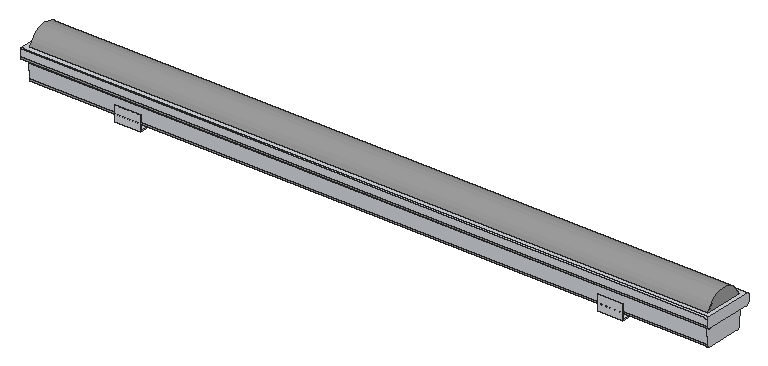
Revit family "0010232", category Lighting Fixtures, host Face, Revit 2017 (continued)
Types (60, lengths in mm): name | Weight | Wattage | TypeName | built-in parameter 1150134 | Photometric Web File | PowerFactor | PowerConsumption | NominalLength | Name | ModelReference | ModelNumber | Model | LuminousEfficacy | built-in parameter 1150105 | Lumens | LampNominalLuminous | LampMacAdamStep | LampColourTemperature | LENGHT_SYL | LENGHT_CHAMFER_SYL | LENGHT-_SYL | LENGHT-_CHAMFER_SYL | L0650_SYL | L1500_SYL | L1200_SYL | built-in parameter 1150107 | built-in parameter 1150106 | built-in parameter 1150104 | DocumentationLiterature | Description | BRACKET_WIDTH_SYL | BRACKET_DIST_SYL | Apparent Load
  0010215 RESISTO 1200 IP66 4800LM 840 QC | "1.61 kg" | 35 W | "Resisto  1200 IP66 4800lm 840 QC" | 12 | "0010215.ies" | 0.95 | "35 W" | 1212 | "Resisto  1200 IP66 4800lm 840 QC" | "Resisto  1200 IP66 4800lm 840 QC" | "0010215" | "Resisto  1200 IP66 4800lm 840 QC" | "137 lm/W" | 1583.6 (stored number, unit not read) | 4795 lm | "4800 lm" | "5" | "4000 K" | 592 | 600 | -592 | -600 | no | no | yes | 4000 (stored number, unit not read) | 15.836 (stored number, unit not read) | 12.728 (stored number, unit not read) | "http://www.sylvania-lighting.com/product/en-int/products/0010215" | "Resisto, integrated LED weatherproof luminaire, with UV stabilized flat diffuser designed to achieve uniform lit appearance, optimise light output and to reduce glare. 301 stainless steel diffuser clips and fixing brackets for surface mounting. Polycarbonate housing and diffuser - no yellow discolouration over time. 4800lm; 35W; 137lm/W; 4000K; SDCM<5; non dimmable; CRI80; IP66; IK08; Class I; 69,000hrs (L80B20) lifespan; 1200mm x 89mm x 88mm; D-mark; assembled with quick connector." | 400 | 444 | 35 VA
  0010214 RESISTO 1200 IP66 2800LM 840 QC | "1.57 kg" | 21 W | "Resisto  1200 IP66 2800lm 840 QC" | 12 | "0010214.ies" | 0.95 | "21 W" | 1212 | "Resisto  1200 IP66 2800lm 840 QC" | "Resisto  1200 IP66 2800lm 840 QC" | "0010214" | "Resisto  1200 IP66 2800lm 840 QC" | "133 lm/W" | 917.95 (stored number, unit not read) | 2793 lm | "2800 lm" | "5" | "4000 K" | 592 | 600 | -592 | -600 | no | no | yes | 4000 (stored number, unit not read) | 9.1795 (stored number, unit not read) | 12.356 (stored number, unit not read) | "http://www.sylvania-lighting.com/product/en-int/products/0010214" | "Resisto, integrated LED weatherproof luminaire, with UV stabilized flat diffuser designed to achieve uniform lit appearance, optimise light output and to reduce glare. 301 stainless steel diffuser clips and fixing brackets for surface mounting. Polycarbonate housing and diffuser - no yellow discolouration over time. 2800lm; 21W; 133lm/W; 4000K; SDCM<5; non dimmable; CRI80; IP66; IK08; Class I; 69,000hrs (L80B20) lifespan; 1200mm x 89mm x 88mm; D-mark; assembled with quick connector." | 400 | 444 | 21 VA
  0010213 RESISTO 1200 IP66 4800LM 865 | "1.54 kg" | 35 W | "Resisto  1200 IP66 4800lm 865" | 1 | "0010213.ies" | 0.95 | "35 W" | 1200 | "Resisto  1200 IP66 4800lm 865" | "Resisto  1200 IP66 4800lm 865" | "0010213" | "Resisto  1200 IP66 4800lm 865" | "137 lm/W" | 1583.6 (stored number, unit not read) | 4795 lm | "4800 lm" | "5" | "6500 K" | 592 | 600 | -592 | -600 | no | no | yes | 6500 (stored number, unit not read) | 15.836 (stored number, unit not read) | 12.728 (stored number, unit not read) | "http://www.sylvania-lighting.com/product/en-int/products/0010213" | "Resisto, integrated LED weatherproof luminaire, with UV stabilized flat diffuser designed to achieve uniform lit appearance, optimise light output and to reduce glare. 301 stainless steel diffuser clips and fixing brackets for surface mounting. Polycarbonate housing and diffuser - no yellow discolouration over time. 4800lm; 35W; 137lm/W; 6500K; SDCM<5; non dimmable; CRI80; IP66; IK08; Class I; 69,000hrs (L80B20) lifespan; 1200mm x 89mm x 88mm; D-mark." | 400 | 444 | 35 VA
  0010212 RESISTO 1200 IP66 2800LM 865 | "1.5 kg" | 21 W | "Resisto  1200 IP66 2800lm 865" | 1 | "0010212.ies" | 0.95 | "21 W" | 1200 | "Resisto  1200 IP66 2800lm 865" | "Resisto  1200 IP66 2800lm 865" | "0010212" | "Resisto  1200 IP66 2800lm 865" | "133 lm/W" | 917.95 (stored number, unit not read) | 2793 lm | "2800 lm" | "5" | "6500 K" | 592 | 600 | -592 | -600 | no | no | yes | 6500 (stored number, unit not read) | 9.1795 (stored number, unit not read) | 12.356 (stored number, unit not read) | "http://www.sylvania-lighting.com/product/en-int/products/0010212" | "Resisto, integrated LED weatherproof luminaire, with UV stabilized flat diffuser designed to achieve uniform lit appearance, optimise light output and to reduce glare. 301 stainless steel diffuser clips and fixing brackets for surface mounting. Polycarbonate housing and diffuser - no yellow discolouration over time. 2800lm; 21W; 133lm/W; 6500K; SDCM<5; non dimmable; CRI80; IP66; IK08; Class I; 69,000hrs (L80B20) lifespan; 1200mm x 89mm x 88mm; D-mark." | 400 | 444 | 21 VA
  0010211 RESISTO 1200 IP66 4800LM 840 | "11.88 kg" | 35 W | "Resisto  1200 IP66 4800lm 840" | 12 | "0010211.ies" | 0.95 | "35.0 W" | 1200 | "Resisto  1200 IP66 4800lm 840" | "Resisto  1200 IP66 4800lm 840" | "0010211" | "Resisto  1200 IP66 4800lm 840" | "137 lm/W" | -7601417.6 (stored number, unit not read) | 4795 lm | "4800 lm" | "5" | "4000 K" | 592 | 600 | -592 | -600 | no | no | yes | 4000 (stored number, unit not read) | -76014.2 (stored number, unit not read) | 12.728 (stored number, unit not read) | "http://www.sylvania-lighting.com/product/en-int/products/0010211" | "Resisto, integrated LED weatherproof luminaire, with UV stabilized flat diffuser designed to achieve uniform lit appearance, optimise light output and to reduce glare. 301 stainless steel diffuser clips and fixing brackets for surface mounting. Polycarbonate housing and diffuser - no yellow discolouration over time. 4800lm; 35W; 137lm/W; 4000K; SDCM<5; non dimmable; CRI80; IP66; IK08; Class I; 69,000hrs (L80B20) lifespan; 1200mm x 89mm x 88mm; D-mark." | 400 | 444 | 35 VA
  0010210 RESISTO 1200 IP66 2800LM 840 | "11.88 kg" | 21 W | "Resisto  1200 IP66 2800lm 840" | 12 | "0010210.ies" | 0.95 | "21.0 W" | 1200 | "Resisto  1200 IP66 2800lm 840" | "Resisto  1200 IP66 2800lm 840" | "0010210" | "Resisto  1200 IP66 2800lm 840" | "133 lm/W" | -2570258.2 (stored number, unit not read) | 2793 lm | "2800 lm" | "5" | "4000 K" | 592 | 600 | -592 | -600 | no | no | yes | 4000 (stored number, unit not read) | -25702.6 (stored number, unit not read) | 12.356 (stored number, unit not read) | "http://www.sylvania-lighting.com/product/en-int/products/0010210" | "Resisto, integrated LED weatherproof luminaire, with UV stabilized flat diffuser designed to achieve uniform lit appearance, optimise light output and to reduce glare. 301 stainless steel diffuser clips and fixing brackets for surface mounting. Polycarbonate housing and diffuser - no yellow discolouration over time. 2800lm; 21W; 133lm/W; 4000K; SDCM<5; non dimmable; CRI80; IP66; IK08; Class I; 69,000hrs (L80B20) lifespan; 1200mm x 89mm x 88mm; D-mark." | 400 | 444 | 21 VA
  0010209 RESISTO 1200 IP66 4800LM 830 | "1.54 kg" | 35 W | "Resisto  1200 IP66 4800lm 830" | (empty or 0) | "0010209.ies" | 0.95 | "35 W" | 1200 | "Resisto  1200 IP66 4800lm 830" | "Resisto  1200 IP66 4800lm 830" | "0010209" | "Resisto  1200 IP66 4800lm 830" | "137 lm/W" | 1583.6 (stored number, unit not read) | 4795 lm | "4800 lm" | "5" | "3000 K" | 592 | 600 | -592 | -600 | no | no | yes | 3000 (stored number, unit not read) | 15.836 (stored number, unit not read) | 12.728 (stored number, unit not read) | "http://www.sylvania-lighting.com/product/en-int/products/0010209" | "Resisto, integrated LED weatherproof luminaire, with UV stabilized flat diffuser designed to achieve uniform lit appearance, optimise light output and to reduce glare. 301 stainless steel diffuser clips and fixing brackets for surface mounting. Polycarbonate housing and diffuser - no yellow discolouration over time. 4800lm; 35W; 137lm/W; 3000K; SDCM<5; non dimmable; CRI80; IP66; IK08; Class I; 69,000hrs (L80B20) lifespan; 1200mm x 89mm x 88mm; D-mark." | 400 | 444 | 35 VA
  0010208 RESISTO 1200 IP66 2800LM 830 | "1.5 kg" | 21 W | "Resisto  1200 IP66 2800lm 830" | (empty or 0) | "0010208.ies" | 0.95 | "21 W" | 1200 | "Resisto  1200 IP66 2800lm 830" | "Resisto  1200 IP66 2800lm 830" | "0010208" | "Resisto  1200 IP66 2800lm 830" | "133 lm/W" | 917.95 (stored number, unit not read) | 2793 lm | "2800 lm" | "5" | "3000 K" | 592 | 600 | -592 | -600 | no | no | yes | 3000 (stored number, unit not read) | 9.1795 (stored number, unit not read) | 12.356 (stored number, unit not read) | "http://www.sylvania-lighting.com/product/en-int/products/0010208" | "Resisto, integrated LED weatherproof luminaire, with UV stabilized flat diffuser designed to achieve uniform lit appearance, optimise light output and to reduce glare. 301 stainless steel diffuser clips and fixing brackets for surface mounting. Polycarbonate housing and diffuser - no yellow discolouration over time. 2800lm; 21W; 133lm/W; 3000K; SDCM<5; non dimmable; CRI80; IP66; IK08; Class I; 69,000hrs (L80B20) lifespan; 1200mm x 89mm x 88mm; D-mark." | 400 | 444 | 21 VA
  0010207 RESISTO 600 HE IP66 2500LM 840 | "0.96 kg" | 16 W | "Resisto  600 HE IP66 2500lm 840" | 12 | "0010207.ies" | 0.95 | "16 W" | 650 | "Resisto  600 HE IP66 2500lm 840" | "Resisto  600 HE IP66 2500lm 840" | "0010207" | "Resisto  600 HE IP66 2500lm 840" | "156 lm/W" | 829.02 (stored number, unit not read) | 2496 lm | "2500 lm" | "3" | "4000 K" | 317 | 325 | -317 | -325 | yes | no | no | 4000 (stored number, unit not read) | 8.2902 (stored number, unit not read) | 14.493 (stored number, unit not read) | "http://www.sylvania-lighting.com/product/en-int/products/0010207" | "Resisto, integrated LED weatherproof luminaire, with UV stabilized flat diffuser designed to achieve uniform lit appearance, optimise light output and to reduce glare. 301 stainless steel diffuser clips and fixing brackets for surface mounting. Polycarbonate housing and diffuser - no yellow discolouration over time. 2500lm; 16W; 156lm/W; 4000K; SDCM<3; non dimmable; CRI80; IP66; IK08; Class I; 69,000hrs (L80B20) lifespan; 650mm x 89mm x 88mm; D-mark." | 125 | 169 | 16 VA
  0010206 RESISTO 600 HE IP66 1400LM 840 | "0.88 kg" | 10 W | "Resisto  600 HE IP66 1400lm 840" | 12 | "0010206.ies" | 0.9 | "10 W" | 650 | "Resisto  600 HE IP66 1400lm 840" | "Resisto  600 HE IP66 1400lm 840" | "0010206" | "Resisto  600 HE IP66 1400lm 840" | "140 lm/W" | 479.25 (stored number, unit not read) | 1400 lm | "1400 lm" | "3" | "4000 K" | 317 | 325 | -317 | -325 | yes | no | no | 4000 (stored number, unit not read) | 4.7925 (stored number, unit not read) | 13.006 (stored number, unit not read) | "http://www.sylvania-lighting.com/product/en-int/products/0010206" | "Resisto, integrated LED weatherproof luminaire, with UV stabilized flat diffuser designed to achieve uniform lit appearance, optimise light output and to reduce glare. 301 stainless steel diffuser clips and fixing brackets for surface mounting. Polycarbonate housing and diffuser - no yellow discolouration over time. 1400lm; 10W; 140lm/W; 4000K; SDCM<3; non dimmable; CRI80; IP66; IK08; Class I; 69,000hrs (L80B20) lifespan; 650mm x 89mm x 88mm; D-mark." | 125 | 169 | 10 VA
  0010205 RESISTO 600 IP66 2500LM 865 | "0.88 kg" | 19 W | "Resisto  600 IP66 2500lm 865" | 1 | "0010205.ies" | 1 | "19 W" | 650 | "Resisto  600 IP66 2500lm 865" | "Resisto  600 IP66 2500lm 865" | "0010205" | "Resisto  600 IP66 2500lm 865" | "132 lm/W" | 833.01 (stored number, unit not read) | 2508 lm | "2500 lm" | "5" | "6500 K" | 317 | 325 | -317 | -325 | yes | no | no | 6500 (stored number, unit not read) | 8.3301 (stored number, unit not read) | 12.263 (stored number, unit not read) | "http://www.sylvania-lighting.com/product/en-int/products/0010205" | "Resisto, integrated LED weatherproof luminaire, with UV stabilized flat diffuser designed to achieve uniform lit appearance, optimise light output and to reduce glare. 301 stainless steel diffuser clips and fixing brackets for surface mounting. Polycarbonate housing and diffuser - no yellow discolouration over time. 2500lm; 19W; 132lm/W; 6500K; SDCM<5; non dimmable; CRI80; IP66; IK08; Class I; 69,000hrs (L80B20) lifespan; 650mm x 89mm x 88mm; D-mark." | 125 | 169 | 19 VA
  0010204 RESISTO 600 IP66 1600LM 865 | "0.88 kg" | 12 W | "Resisto  600 IP66 1600lm 865" | 1 | "0010204.ies" | 0.9 | "12 W" | 650 | "Resisto  600 IP66 1600lm 865" | "Resisto  600 IP66 1600lm 865" | "0010204" | "Resisto  600 IP66 1600lm 865" | "133 lm/W" | 546.34 (stored number, unit not read) | 1596 lm | "1600 lm" | "5" | "6500 K" | 317 | 325 | -317 | -325 | yes | no | no | 6500 (stored number, unit not read) | 5.4634 (stored number, unit not read) | 12.356 (stored number, unit not read) | "http://www.sylvania-lighting.com/product/en-int/products/0010204" | "Resisto, integrated LED weatherproof luminaire, with UV stabilized flat diffuser designed to achieve uniform lit appearance, optimise light output and to reduce glare. 301 stainless steel diffuser clips and fixing brackets for surface mounting. Polycarbonate housing and diffuser - no yellow discolouration over time. 1600lm; 12W; 133lm/W; 6500K; SDCM<5; non dimmable; CRI80; IP66; IK08; Class I; 69,000hrs (L80B20) lifespan; 650mm x 89mm x 88mm; D-mark." | 125 | 169 | 12 VA
  0010203 RESISTO 600 IP66 2500LM 840 | "10.2 kg" | 19 W | "Resisto  600 IP66 2500lm 840" | 12 | "0010203.ies" | 0.95 | "19.0 W" | 650 | "Resisto  600 IP66 2500lm 840" | "Resisto  600 IP66 2500lm 840" | "0010203" | "Resisto  600 IP66 2500lm 840" | "132 lm/W" | -2082492.7 (stored number, unit not read) | 2508 lm | "2500 lm" | "5" | "4000 K" | 317 | 325 | -317 | -325 | yes | no | no | 4000 (stored number, unit not read) | -20824.9 (stored number, unit not read) | 12.263 (stored number, unit not read) | "http://www.sylvania-lighting.com/product/en-int/products/0010203" | "Resisto, integrated LED weatherproof luminaire, with UV stabilized flat diffuser designed to achieve uniform lit appearance, optimise light output and to reduce glare. 301 stainless steel diffuser clips and fixing brackets for surface mounting. Polycarbonate housing and diffuser - no yellow discolouration over time. 2500lm; 19W; 132lm/W; 4000K; SDCM<5; non dimmable; CRI80; IP66; IK08; Class I; 69,000hrs (L80B20) lifespan; 650mm x 89mm x 88mm; D-mark." | 125 | 169 | 19 VA
  0010202 RESISTO 600 IP66 1600LM 840 | "10.2 kg" | 12 W | "Resisto  600 IP66 1600lm 840" | 12 | "0010202.ies" | 0.9 | "12.0 W" | 650 | "Resisto  600 IP66 1600lm 840" | "Resisto  600 IP66 1600lm 840" | "0010202" | "Resisto  600 IP66 1600lm 840" | "133 lm/W" | -874129.2 (stored number, unit not read) | 1596 lm | "1600 lm" | "5" | "4000 K" | 317 | 325 | -317 | -325 | yes | no | no | 4000 (stored number, unit not read) | -8741.3 (stored number, unit not read) | 12.356 (stored number, unit not read) | "http://www.sylvania-lighting.com/product/en-int/products/0010202" | "Resisto, integrated LED weatherproof luminaire, with UV stabilized flat diffuser designed to achieve uniform lit appearance, optimise light output and to reduce glare. 301 stainless steel diffuser clips and fixing brackets for surface mounting. Polycarbonate housing and diffuser - no yellow discolouration over time. 1600lm; 12W; 133lm/W; 4000K; SDCM<5; non dimmable; CRI80; IP66; IK08; Class I; 69,000hrs (L80B20) lifespan; 650mm x 89mm x 88mm; D-mark." | 125 | 169 | 12 VA
  0010279 RESISTO 1500 HE IP66 DALI 8300LM 840 | "2.01 kg" | 54 W | "Resisto 1500 HE IP66 DALI 8300lm 840" | 12 | "0010279.ies" | 0.99 | "54 W" | 1500 | "Resisto 1500 HE IP66 DALI 8300lm 840" | "Resisto 1500 HE IP66 DALI 8300lm 840" | "0010279" | "Resisto 1500 HE IP66 DALI 8300lm 840" | "154 lm/W" | 2773 (stored number, unit not read) | 8316 lm | "8300 lm" | "3" | "4000 K" | 742 | 750 | -742 | -750 | no | yes | no | 4000 (stored number, unit not read) | 27.73 (stored number, unit not read) | 14.307 (stored number, unit not read) | "http://www.sylvania-lighting.com/product/en-int/products/0010279" | "Resisto, integrated LED weatherproof luminaire, with UV stabilized flat diffuser designed to achieve uniform lit appearance, optimise light output and to reduce glare. 301 stainless steel diffuser clips and fixing brackets for surface mounting. Polycarbonate housing and diffuser - no yellow discolouration over time. 8300lm; 54W; 154lm/W; 4000K; SDCM<3; DALI dimmable; CRI80; IP66; IK08; Class I; 69,000hrs (L80B20) lifespan; 1500mm x 89mm x 88mm; D-mark." | 550 | 594 | 54 VA
